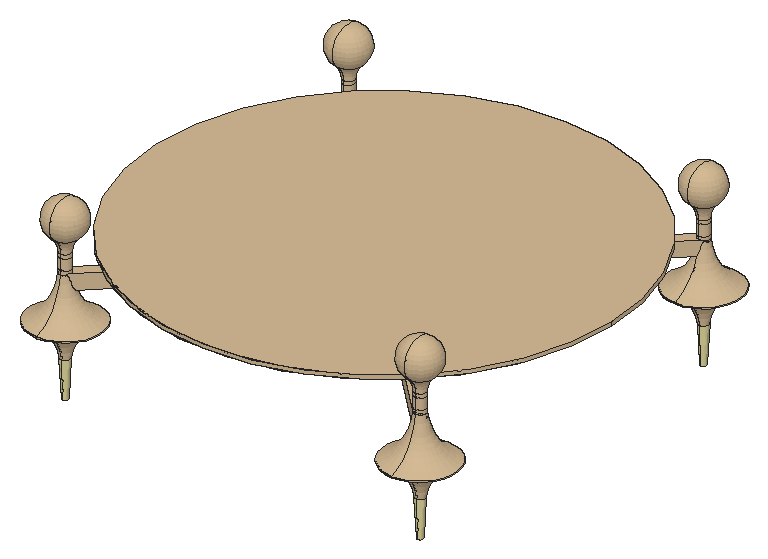
Revit family "MESA BAILARINA DE CENTRO REDONDA Ø123 H48", category Mobiliário, Revit 2021
Family settings
  Com base no plano de trabalho = Não
  Sempre na vertical = Sim
  Corte com vazios quando carregada = Não
  Compartilhado = Não
  Ponto de cálculo do ambiente = Não
Parameters
  Elevação padrão = 0 mm
Reference planes
  plane 1 "Centro (Frente/Trás)": y = 0
  plane 2: z = 0
  plane 3 "Centro (Esquerda/Direita)": x = 0
  plane 4: x = -620
  plane 5: x = 620
  plane 6: y = -615
  plane 7: y = 615
Dimensions and locks
  equal spacing: plane 6, plane 1 "Centro (Frente/Trás)", plane 7
  equal spacing: plane 4, plane 3 "Centro (Esquerda/Direita)", plane 5
  aligned and locked: level to plane 2
Nested families
  nested 1: "MESA BAILARINA DE CENTRO REDONDA Ø123 H48" at (0, 0, 0), type "MESA BAILARINA DE CENTRO REDONDA Ø123 H48"
Definition of nested family "MESA BAILARINA DE CENTRO REDONDA Ø123 H48"
  Parameters (values of type "MESA BAILARINA DE CENTRO REDONDA Ø123 H48")
    Default Elevation = 0 mm
  Reference planes
    plane 1 "Centro (Frente/Trás)": y = 0
    plane 2: z = 0
    plane 3 "Centro (Esquerda/Direita)": x = 0
  Forms (mm)
    Extrusion 1, solid
      sketch origin (-2703.977, -6477.756, 350) x (1, 0, 0) y (0, 1, 0)
        loop
          circle (2703.977, 6478.969) r 615
      from 0 to 10
    Blend 2, solid
      base sketch origin (-2703.977, -6477.756, 310) x (1, 0, 0) y (0, 1, 0)
        loop
          circle (2703.977, 6478.969) r 465
      top sketch origin (-2703.977, -6477.756, 310) x (1, 0, 0) y (0, 1, 0)
        loop
          circle (2703.977, 6478.969) r 615
      from 0 to 40
    Extrusion 3, solid
      sketch origin (-2674.068, -6484.64, 270) x (1, 0, 0) y (0, 1, 0)
        loop
          line (2596.568, 6583.353) -> (2575.355, 6562.14) -> (2575.355, 6409.566) -> (2596.568, 6388.353) -> (2751.568, 6388.353) -> (2772.781, 6409.566) -> (2772.781, 6562.14) -> (2751.568, 6583.353) -> (2596.568, 6583.353)
      from 0 to 40
    Extrusion 4, solid
      sketch origin (-2670.448, -6484.592, 270) x (1, 0, 0) y (0, 1, 0)
        loop
          line (2747.948, 6583.306) -> (2769.161, 6562.092) -> (3161.605, 6954.537)
          arc (3161.605, 6954.537) -> (3161.605, 6975.75) -> (3140.392, 6975.75) r 15
          line (3140.392, 6975.75) -> (2747.948, 6583.306)
      from 0 to 40
    Extrusion 5, solid
      sketch origin (2670.448, -6484.592, 270) x (-1, 0, 0) y (0, -1, 0)
        loop
          line (2747.948, -6583.306) -> (3140.392, -6975.75)
          arc (3140.392, -6975.75) -> (3161.605, -6975.75) -> (3161.605, -6954.537) r 15
          line (3161.605, -6954.537) -> (2769.161, -6562.092) -> (2747.948, -6583.306)
      from 0 to 40
    Extrusion 6, solid
      sketch origin (-2670.448, 6487.019, 270) x (1, 0, 0) y (0, 1, 0)
        loop
          line (2747.948, -6583.306) -> (3140.392, -6975.75)
          arc (3140.392, -6975.75) -> (3161.605, -6975.75) -> (3161.605, -6954.537) r 15
          line (3161.605, -6954.537) -> (2769.161, -6562.092) -> (2747.948, -6583.306)
      from 0 to 40
    Extrusion 7, solid
      sketch origin (2670.448, 6487.019, 270) x (-1, 0, 0) y (0, -1, 0)
        loop
          line (2747.948, 6583.306) -> (2769.161, 6562.092) -> (3161.605, 6954.537)
          arc (3161.605, 6954.537) -> (3161.605, 6975.75) -> (3140.392, 6975.75) r 15
          line (3140.392, 6975.75) -> (2747.948, 6583.306)
      from 0 to 40
    Revolve 8, solid
      sketch origin (480.55, -6480.255, 0) x (0, 1, 0) y (0, 0, 1)
        loop
          line (6960.805, 100) -> (6960.805, 0) -> (6968.305, 0) -> (6973.305, 100) -> (6960.805, 100)
        axis (6960.805, 100) -> (6960.805, 0)
      angle from 0 to 360
    Revolve 9, solid
      sketch origin (-480.55, 4756.482, -5643.254) x (0, -1, 0) y (0, 0, -1)
        loop
          spline (4180.933, -5833.254) -> (4198.004, -5842.108) -> (4210.068, -5850.134) -> (4219.553, -5858.069) -> (4227.536, -5866.237) -> (4234.387, -5874.742) -> (4240.395, -5883.7) -> (4245.64, -5893.255) -> (4250.162, -5903.558) -> (4254.003, -5914.708) -> (4257.197, -5926.711) -> (4259.709, -5939.356) -> (4260.925, -5950.744)
          line (4260.925, -5950.744) -> (4260.925, -5960.754) -> (4260.925, -5990.754) -> (4260.925, -6000.754)
          arc (4260.925, -6000.754) -> (4255.592, -6023.224) -> (4240.73, -6040.9) r 50
          arc (4240.73, -6040.9) -> (4226.192, -6098.493) -> (4275.933, -6130.962) r 51.125
          line (4275.933, -6130.962) -> (4275.933, -6040.754) -> (4275.933, -5743.254) -> (4263.433, -5743.254)
          arc (4263.433, -5743.254) -> (4236.991, -5800.967) -> (4180.933, -5830.754) r 99
          line (4180.933, -5830.754) -> (4180.933, -5833.254)
        axis (4275.933, -5743.254) -> (4275.933, -6130.962)
      angle from 0 to 360
    Revolve 10, solid
      sketch origin (-480.55, -6480.255, 0) x (0, 1, 0) y (0, 0, -1)
        loop
          line (6960.805, -100) -> (6973.305, -100) -> (6968.305, 0) -> (6960.805, 0) -> (6960.805, -100)
        axis (6960.805, -100) -> (6960.805, 0)
      angle from 0 to 360
    Revolve 11, solid
      sketch origin (-480.55, 6482.682, 0) x (0, -1, 0) y (0, 0, 1)
        loop
          line (6960.805, 100) -> (6960.805, 0) -> (6968.305, 0) -> (6973.305, 100) -> (6960.805, 100)
        axis (6960.805, 100) -> (6960.805, 0)
      angle from 0 to 360
    Revolve 12, solid
      sketch origin (480.55, 6482.682, 0) x (0, -1, 0) y (0, 0, -1)
        loop
          line (6960.805, -100) -> (6973.305, -100) -> (6968.305, 0) -> (6960.805, 0) -> (6960.805, -100)
        axis (6960.805, -100) -> (6960.805, 0)
      angle from 0 to 360
    Revolve 13, solid
      sketch origin (480.55, 4756.482, -5643.254) x (0, -1, 0) y (0, 0, 1)
        loop
          line (4180.933, 5833.254) -> (4180.933, 5830.754)
          arc (4180.933, 5830.754) -> (4236.991, 5800.967) -> (4263.433, 5743.254) r 99
          line (4263.433, 5743.254) -> (4275.933, 5743.254) -> (4275.933, 6040.754) -> (4275.933, 6130.962)
          arc (4275.933, 6130.962) -> (4226.192, 6098.493) -> (4240.73, 6040.9) r 51.125
          arc (4240.73, 6040.9) -> (4255.592, 6023.224) -> (4260.925, 6000.754) r 50
          line (4260.925, 6000.754) -> (4260.925, 5990.754) -> (4260.925, 5960.754) -> (4260.925, 5950.744)
          spline (4260.925, 5950.744) -> (4259.709, 5939.356) -> (4257.197, 5926.711) -> (4254.003, 5914.708) -> (4250.162, 5903.558) -> (4245.64, 5893.255) -> (4240.395, 5883.7) -> (4234.387, 5874.742) -> (4227.536, 5866.237) -> (4219.553, 5858.069) -> (4210.068, 5850.134) -> (4198.004, 5842.108) -> (4180.933, 5833.254)
        axis (4275.933, 5743.254) -> (4275.933, 6130.962)
      angle from 0 to 360
    Revolve 14, solid
      sketch origin (-480.55, -4754.056, -5643.254) x (0, 1, 0) y (0, 0, 1)
        loop
          line (4180.933, 5833.254) -> (4180.933, 5830.754)
          arc (4180.933, 5830.754) -> (4236.991, 5800.967) -> (4263.433, 5743.254) r 99
          line (4263.433, 5743.254) -> (4275.933, 5743.254) -> (4275.933, 6040.754) -> (4275.933, 6130.962)
          arc (4275.933, 6130.962) -> (4226.192, 6098.493) -> (4240.73, 6040.9) r 51.125
          arc (4240.73, 6040.9) -> (4255.592, 6023.224) -> (4260.925, 6000.754) r 50
          line (4260.925, 6000.754) -> (4260.925, 5990.754) -> (4260.925, 5960.754) -> (4260.925, 5950.744)
          spline (4260.925, 5950.744) -> (4259.709, 5939.356) -> (4257.197, 5926.711) -> (4254.003, 5914.708) -> (4250.162, 5903.558) -> (4245.64, 5893.255) -> (4240.395, 5883.7) -> (4234.387, 5874.742) -> (4227.536, 5866.237) -> (4219.553, 5858.069) -> (4210.068, 5850.134) -> (4198.004, 5842.108) -> (4180.933, 5833.254)
        axis (4275.933, 5743.254) -> (4275.933, 6130.962)
      angle from 0 to 360
    Revolve 15, solid
      sketch origin (480.55, -4754.056, -5643.254) x (0, 1, 0) y (0, 0, -1)
        loop
          spline (4180.933, -5833.254) -> (4198.004, -5842.108) -> (4210.068, -5850.134) -> (4219.553, -5858.069) -> (4227.536, -5866.237) -> (4234.387, -5874.742) -> (4240.395, -5883.7) -> (4245.64, -5893.255) -> (4250.162, -5903.558) -> (4254.003, -5914.708) -> (4257.197, -5926.711) -> (4259.709, -5939.356) -> (4260.925, -5950.744)
          line (4260.925, -5950.744) -> (4260.925, -5960.754) -> (4260.925, -5990.754) -> (4260.925, -6000.754)
          arc (4260.925, -6000.754) -> (4255.592, -6023.224) -> (4240.73, -6040.9) r 50
          arc (4240.73, -6040.9) -> (4226.192, -6098.493) -> (4275.933, -6130.962) r 51.125
          line (4275.933, -6130.962) -> (4275.933, -6040.754) -> (4275.933, -5743.254) -> (4263.433, -5743.254)
          arc (4263.433, -5743.254) -> (4236.991, -5800.967) -> (4180.933, -5830.754) r 99
          line (4180.933, -5830.754) -> (4180.933, -5833.254)
        axis (4275.933, -5743.254) -> (4275.933, -6130.962)
      angle from 0 to 360
  Lines and regions (mm)
    model lines
      curve 1: line (480.55, 488.05, 0) -> (480.55, 473.05, 0)
      curve 2: line (473.05, 480.55, 0) -> (488.05, 480.55, 0)
      curve 3: line (480.55, 480.55, 0) -> (485.853, 485.853, 0)
      curve 4: line (-480.55, 488.05, 0) -> (-480.55, 473.05, 0)
      curve 5: line (-473.05, 480.55, 0) -> (-488.05, 480.55, 0)
      curve 6: line (-480.55, 480.55, 0) -> (-485.853, 485.853, 0)
      curve 7: line (480.55, -485.623, 0) -> (480.55, -470.623, 0)
      curve 8: line (473.05, -478.123, 0) -> (488.05, -478.123, 0)
      curve 9: line (480.55, -478.123, 0) -> (485.853, -483.427, 0)
      curve 10: line (-480.55, -485.623, 0) -> (-480.55, -470.623, 0)
      curve 11: line (-473.05, -478.123, 0) -> (-488.05, -478.123, 0)
      curve 12: line (-480.55, -478.123, 0) -> (-485.853, -483.427, 0)
      curve 13: line (-480.55, 488.05, 0) -> (-480.55, 473.05, 0)
      curve 14: line (-473.05, 480.55, 0) -> (-488.05, 480.55, 0)
      curve 15: line (-480.55, 480.55, 0) -> (-485.853, 485.853, 0)
  Dimensions and locks
    aligned and locked: level to plane 2
